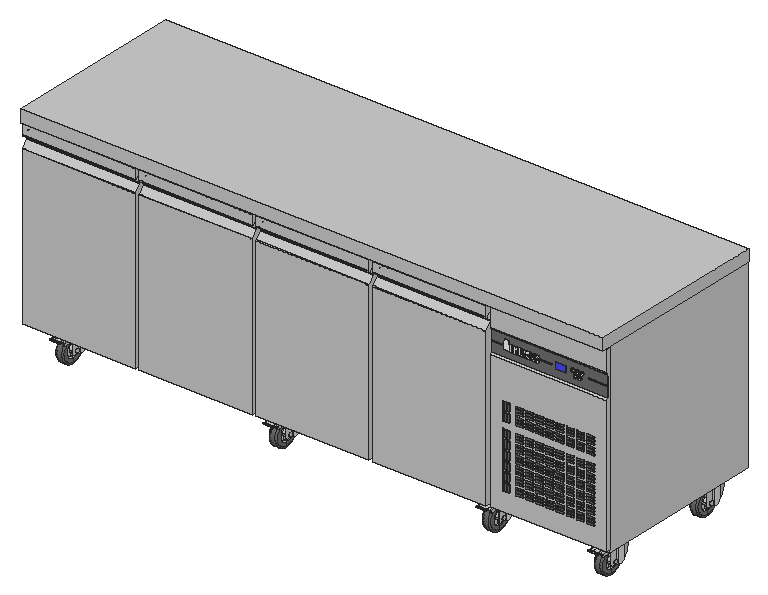
Revit family "QF_INOMAK_PNRP9999_250515103511", category Specialty Equipment, Revit 2021 (continued)
Definition of nested family "QF_INOMAK_REF_COUNTERS_DOORS_DRAWERS_16430"
  Definition of nested family "4_Drawers_1-4"
    Reference planes
      plane 23: z = 601.833
      plane 24: z = 598.167
    Forms (mm)
      Extrusion 1, solid, material <- "Finish", visible <- "4 Drawers"
        sketch origin (35, 0, -1) x (0, -1, 0) y (0, 0, 1)
          loop
            line (680, 1047) -> (670, 1047) -> (670, 827.083) -> (690, 827.083) -> (690, 990.844)
            arc (690, 990.844) -> (689.115, 996.728) -> (686.539, 1002.09) r 20
            line (686.539, 1002.09) -> (673, 1022) -> (673, 1044) -> (680, 1044)
            arc (680, 1044) -> (684.95, 1041.95) -> (687, 1037) r 7
            line (687, 1037) -> (687, 1031.988) -> (690, 1031.988) -> (690, 1037)
            arc (690, 1037) -> (687.071, 1044.071) -> (680, 1047) r 10
        from 0 to -1130
      Extrusion 2, solid, visible <- "4 Drawers", detail levels coarse
        sketch origin (0, -640.463, 826.083) x (0, 1, 0) y (-1, 0, 0)
          loop
            line (-49.537, -35) -> (-624.537, -35) -> (-624.537, -1165) -> (-49.537, -1165) -> (-49.537, -35)
        from 0 to 219.917
      Extrusion 3, solid, visible <- "4 Drawers", detail levels coarse
        sketch origin (0, -700, 154) x (-1, 0, 0) y (0, 1, 0)
          loop
            line (-35, 10) -> (-1165, 10) -> (-1165, -565) -> (-35, -565) -> (-35, 10)
        from 0 to -219.583
      Extrusion 4, solid, material <- "Finish", visible <- "4 Drawers"
        sketch origin (35, 0, -440.333) x (0, -1, 0) y (0, 0, 1)
          loop
            line (680, 813.917) -> (670, 813.917) -> (670, 594.333) -> (690, 594.333) -> (690, 757.761)
            arc (690, 757.761) -> (689.115, 763.644) -> (686.539, 769.007) r 20
            line (686.539, 769.007) -> (673, 788.917) -> (673, 810.917) -> (680, 810.917)
            arc (680, 810.917) -> (684.95, 808.866) -> (687, 803.917) r 7
            line (687, 803.917) -> (687, 798.904) -> (690, 798.904) -> (690, 803.917)
            arc (690, 803.917) -> (687.071, 810.988) -> (680, 813.917) r 10
        from 0 to -1130
      Extrusion 5, solid, material <- "Finish", visible <- "4 Drawers"
        sketch origin (35, 0, -165.333) x (0, -1, 0) y (0, 0, 1)
          loop
            line (680, 987.75) -> (670, 987.75) -> (670, 767.167) -> (690, 767.167) -> (690, 931.594)
            arc (690, 931.594) -> (689.115, 937.478) -> (686.539, 942.84) r 20
            line (686.539, 942.84) -> (673, 962.75) -> (673, 984.75) -> (680, 984.75)
            arc (680, 984.75) -> (684.95, 982.7) -> (687, 977.75) r 7
            line (687, 977.75) -> (687, 972.738) -> (690, 972.738) -> (690, 977.75)
            arc (690, 977.75) -> (687.071, 984.821) -> (680, 987.75) r 10
        from 0 to -1130
      Extrusion 6, solid, material <- "Finish", visible <- "4 Drawers"
        sketch origin (35, 0, -330.333) x (0, -1, 0) y (0, 0, 1)
          loop
            line (680, 928.5) -> (670, 928.5) -> (670, 708.25) -> (690, 708.25) -> (690, 872.344)
            arc (690, 872.344) -> (689.115, 878.228) -> (686.539, 883.59) r 20
            line (686.539, 883.59) -> (673, 903.5) -> (673, 925.5) -> (680, 925.5)
            arc (680, 925.5) -> (684.95, 923.45) -> (687, 918.5) r 7
            line (687, 918.5) -> (687, 913.488) -> (690, 913.488) -> (690, 918.5)
            arc (690, 918.5) -> (687.071, 925.571) -> (680, 928.5) r 10
        from 0 to -1130
      Extrusion 7, solid, visible <- "4 Drawers", detail levels coarse
        sketch origin (0, -500.463, 601.833) x (0, 1, 0) y (-1, 0, 0)
          loop
            line (-189.537, -35) -> (-764.537, -35) -> (-764.537, -1165) -> (-189.537, -1165) -> (-189.537, -35)
        from 0 to 220.583
      Extrusion 8, solid, visible <- "4 Drawers", detail levels coarse
        sketch origin (0, -540.463, 377.917) x (0, 1, 0) y (-1, 0, 0)
          loop
            line (-149.537, -35) -> (-724.537, -35) -> (-724.537, -1165) -> (-149.537, -1165) -> (-149.537, -35)
        from 0 to 220.25
    Lines and regions (mm)
      symbolic lines, visible <- "4 Drawers"
        curve 1: line (35, -945, 900) -> (35, -985, 900)
        curve 2: line (35, -985, 900) -> (1165, -985, 900)
        curve 3: line (1165, -985, 900) -> (1165, -945, 900)
        curve 4: line (1165, -945, 900) -> (35, -945, 900)
        curve 5: line (1135, -945, 900) -> (1135, -845, 900)
        curve 6: line (65, -945, 900) -> (65, -845, 900)
        curve 7: line (35, -1085, 900) -> (35, -1125, 900)
        curve 8: line (35, -1125, 900) -> (1165, -1125, 900)
        curve 9: line (1165, -1125, 900) -> (1165, -1085, 900)
        curve 10: line (1165, -1085, 900) -> (35, -1085, 900)
        curve 11: line (1135, -1085, 900) -> (1135, -985, 900)
        curve 12: line (65, -1085, 900) -> (65, -985, 900)
        curve 13: line (35, -1225, 900) -> (35, -1265, 900)
        curve 14: line (35, -1265, 900) -> (1165, -1265, 900)
        curve 15: line (1165, -1265, 900) -> (1165, -1225, 900)
        curve 16: line (1165, -1225, 900) -> (35, -1225, 900)
        curve 17: line (1135, -1225, 900) -> (1135, -1125, 900)
        curve 18: line (65, -1225, 900) -> (65, -1125, 900)
        curve 19: line (35, -805, 900) -> (35, -845, 900)
        curve 20: line (35, -845, 900) -> (1165, -845, 900)
        curve 21: line (1165, -845, 900) -> (1165, -805, 900)
        curve 22: line (1165, -805, 900) -> (35, -805, 900)
        curve 23: line (65, -805, 900) -> (65, -700, 900)
        curve 24: line (1135, -805, 900) -> (1135, -700, 900)
    Dimensions and locks
      "Length Actual": plane 3 "Left" to plane 4 "Right"
      "Depth Actual": plane 5 "Front" to plane 1 "Back"
      "Height Actual": plane 6 "Top" to plane 8 "Legs top"
      "Front inset": plane 7 "Front legs" to plane 5 "Front"
      "Plinth height": plane 8 "Legs top" to plane 2
      "Rear inset": plane 9 "Backsplash thickness" to plane 1 "Back"
      "Right panel thickness": plane 11 "Right panel" to plane 4 "Right"
      "Left panel thickness": plane 3 "Left" to plane 10 "Left panel"
      locked: plane 14 to plane 15 at 3.667
      equal spacing: plane 14, plane 12, plane 15
      locked: plane 23 to plane 24 at 3.667
      equal spacing: plane 23, plane 22, plane 24
      "Bottom inset": plane 20 to plane 8 "Legs top"
      equal spacing: plane 19, plane 17, plane 18
      locked: plane 19 to plane 18 at 4.333
      equal spacing: plane 21, plane 17, plane 22, plane 12, plane 16
      locked: plane 13 to plane 16 at 2.5
      "Top inset": plane 13 to plane 6 "Top"
      locked: plane 21 to plane 20 at 2.5
      aligned and locked: level to plane 2
      aligned and locked: plane 7 "Front legs" to Extrusion 1 sketch curve  (x2)
      aligned and locked: Extrusion 1 to plane 11 "Right panel"
      aligned and locked: Extrusion 1 sketch curve to plane 13
      aligned and locked: Extrusion 1 sketch curve to plane 14
      aligned and locked: plane 10 "Left panel" to curve 1
      aligned and locked: plane 10 "Left panel" to curve 7
      aligned and locked: plane 10 "Left panel" to curve 13
      aligned and locked: Extrusion 2 sketch curve to plane 10 "Left panel"
      aligned and locked: plane 11 "Right panel" to Extrusion 2 sketch curve
      aligned and locked: Extrusion 3 sketch curve to plane 10 "Left panel"
      aligned and locked: plane 11 "Right panel" to Extrusion 3 sketch curve
      aligned and locked: Extrusion 2 to plane 13
      aligned and locked: Extrusion 3 to plane 19
      aligned and locked: plane 20 to Extrusion 4 sketch curve
      aligned and locked: Extrusion 4 to plane 11 "Right panel"
      aligned and locked: Extrusion 5 sketch curve to plane 15
      aligned and locked: plane 7 "Front legs" to Extrusion 5 sketch curve
      aligned and locked: Extrusion 5 sketch curve to plane 23
      aligned and locked: Extrusion 6 sketch curve to plane 24
      aligned and locked: plane 7 "Front legs" to Extrusion 6 sketch curve
      aligned and locked: Extrusion 6 sketch curve to plane 18
      aligned and locked: Extrusion 7 to plane 15
      aligned and locked: Extrusion 8 to plane 24
      aligned and locked: Extrusion 5 to plane 11 "Right panel"
      aligned and locked: Extrusion 6 to plane 11 "Right panel"
    Automatic sketch dimensions
      Extrusion 1 sketch curve to Extrusion 1 sketch curve = 0 mm  (x2)
      plane 7 "Front legs" to Extrusion 1 sketch curve = 3 mm
      plane 7 "Front legs" to Extrusion 1 sketch curve = 3.461 mm
      plane 7 "Front legs" to Extrusion 1 sketch curve = 10 mm
      Extrusion 1 sketch curve to Extrusion 1 sketch curve = 7 mm
      plane 7 "Front legs" to Extrusion 1 sketch curve = 20 mm  (x2)
      Extrusion 1 sketch curve to Extrusion 1 sketch curve = 46.156 mm
      Extrusion 1 sketch curve to Extrusion 1 sketch curve = 15 mm
      Extrusion 1 sketch curve to Extrusion 1 sketch curve = 5.012 mm
      Extrusion 2 sketch curve to plane 7 "Front legs" = 0 mm
      Extrusion 2 sketch curve to plane 5 "Front" = 565 mm
      Extrusion 3 sketch curve to plane 7 "Front legs" = 0 mm
      Extrusion 3 sketch curve to plane 5 "Front" = 565 mm
      Extrusion 5 sketch curve to Extrusion 5 sketch curve = 0 mm  (x2)
      Extrusion 5 sketch curve to plane 7 "Front legs" = 0 mm
      plane 7 "Front legs" to Extrusion 5 sketch curve = 3 mm
      plane 7 "Front legs" to Extrusion 5 sketch curve = 3.461 mm
      plane 7 "Front legs" to Extrusion 5 sketch curve = 10 mm
      Extrusion 5 sketch curve to Extrusion 5 sketch curve = 7 mm
      plane 7 "Front legs" to Extrusion 5 sketch curve = 20 mm  (x2)
      Extrusion 5 sketch curve to Extrusion 5 sketch curve = 46.156 mm
      Extrusion 5 sketch curve to Extrusion 5 sketch curve = 15 mm
      Extrusion 5 sketch curve to Extrusion 5 sketch curve = 5.012 mm
      Extrusion 6 sketch curve to Extrusion 6 sketch curve = 0 mm  (x2)
      Extrusion 6 sketch curve to plane 7 "Front legs" = 0 mm
      plane 7 "Front legs" to Extrusion 6 sketch curve = 3 mm
      plane 7 "Front legs" to Extrusion 6 sketch curve = 3.461 mm
      plane 7 "Front legs" to Extrusion 6 sketch curve = 10 mm
      Extrusion 6 sketch curve to Extrusion 6 sketch curve = 7 mm
      plane 7 "Front legs" to Extrusion 6 sketch curve = 20 mm  (x2)
      Extrusion 6 sketch curve to Extrusion 6 sketch curve = 46.156 mm
      Extrusion 6 sketch curve to Extrusion 6 sketch curve = 15 mm
      Extrusion 6 sketch curve to Extrusion 6 sketch curve = 5.012 mm
      curve 14 to plane 11 "Right panel" = 0 mm
      curve 8 to plane 11 "Right panel" = 0 mm
      curve 2 to plane 11 "Right panel" = 0 mm
      curve 21 to plane 11 "Right panel" = 0 mm
      curve 20 to plane 10 "Left panel" = 0 mm
      curve 23 to plane 5 "Front" = 0 mm
      curve 24 to plane 5 "Front" = 0 mm
      curve 21 to plane 5 "Front" = 105 mm
      curve 20 to curve 21 = 40 mm
      curve 3 to curve 20 = 100 mm
      curve 3 to curve 3 = 40 mm
      curve 10 to curve 1 = 100 mm
      curve 9 to curve 9 = 40 mm
      curve 15 to curve 8 = 100 mm
      curve 15 to curve 15 = 40 mm
      plane 11 "Right panel" to curve 24 = 30 mm
      curve 8 to curve 17 = 30 mm
      curve 11 to curve 17 = 0 mm
      curve 23 to plane 10 "Left panel" = 30 mm
      curve 12 to curve 6 = 0 mm
      curve 18 to curve 12 = 0 mm
      Extrusion 4 sketch curve to Extrusion 4 sketch curve = 0 mm  (x2)
      plane 19 to Extrusion 4 sketch curve = 0 mm
      Extrusion 4 sketch curve to plane 7 "Front legs" = 0 mm  (x2)
      plane 7 "Front legs" to Extrusion 4 sketch curve = 3 mm
      plane 7 "Front legs" to Extrusion 4 sketch curve = 3.461 mm
      plane 7 "Front legs" to Extrusion 4 sketch curve = 10 mm
      Extrusion 4 sketch curve to Extrusion 4 sketch curve = 7 mm
      plane 7 "Front legs" to Extrusion 4 sketch curve = 20 mm  (x2)
      Extrusion 4 sketch curve to Extrusion 4 sketch curve = 46.156 mm
      Extrusion 4 sketch curve to Extrusion 4 sketch curve = 15 mm
      Extrusion 4 sketch curve to Extrusion 4 sketch curve = 5.012 mm
      Extrusion 7 sketch curve to plane 10 "Left panel" = 0 mm
      Extrusion 7 sketch curve to plane 11 "Right panel" = 0 mm
      Extrusion 7 sketch curve to plane 7 "Front legs" = 0 mm
      Extrusion 7 sketch curve to plane 5 "Front" = 565 mm
      Extrusion 8 sketch curve to plane 10 "Left panel" = 0 mm
      Extrusion 8 sketch curve to plane 11 "Right panel" = 0 mm
      Extrusion 8 sketch curve to plane 7 "Front legs" = 0 mm
      Extrusion 8 sketch curve to plane 5 "Front" = 565 mm
      curve 6 to plane 10 "Left panel" = 30 mm
      curve 5 to curve 24 = 0 mm
  Definition of nested family "Hinged_Doors"
    Parameters (values of type "Hinged doors")
      URL = "www.specifiglobal.com"
      Top inset [instance] = 4 mm
      Right panel thickness [instance] = 35 mm
      Rear inset [instance] = 10 mm
      Plinth height [instance] = 150 mm
      Model = ""
      Manufacturer = "DEMO CONSULTANT"
      Length Actual [instance] = 1200 mm
      Left panel thickness [instance] = 35 mm
      Hinged doors [instance] = Doors drawers type = 3  # yes
      Height Actual [instance] = 900 mm
      Front inset [instance] = 10 mm
      Finish [instance] = none
      Doors drawers type [instance] = 3
      Description = ""
      Depth Actual [instance] = 700 mm
      Default Elevation = 0 mm
      Bottom inset [instance] = 4 mm
      Assembly Code = "E1090320"
    Reference planes
      plane 1 "Back": y = 0
      plane 2: z = 0
      plane 3 "Left": x = 0
      plane 4 "Right": x = 1200
      plane 5 "Front": y = -700
      plane 6 "Top": z = 1050
      plane 7 "Front legs": y = -690
      plane 8 "Legs top": z = 150
      plane 9 "Backsplash thickness": y = -10
      plane 10: x = 35
      plane 11: x = 1165
      plane 12 "Center Left-Right": x = 600
      plane 13: x = 597.5
      plane 14: x = 602.5
      plane 15: z = 154
      plane 16: z = 1046
    Forms (mm)
      Extrusion 1, solid, material <- "Finish", visible <- "Hinged doors"
        sketch origin (35, -2307.849, 4000) x (0, -1, 0) y (0, 0, 1)
          loop
            line (-1627.849, -2954) -> (-1637.849, -2954) -> (-1637.849, -3846) -> (-1617.849, -3846) -> (-1617.849, -3010.156)
            arc (-1617.849, -3010.156) -> (-1618.734, -3004.272) -> (-1621.31, -2998.91) r 20
            line (-1621.31, -2998.91) -> (-1634.849, -2979) -> (-1634.849, -2957) -> (-1627.849, -2957)
            arc (-1627.849, -2957) -> (-1622.899, -2959.05) -> (-1620.849, -2964) r 7
            line (-1620.849, -2964) -> (-1620.849, -2969.012) -> (-1617.849, -2969.012) -> (-1617.849, -2964)
            arc (-1617.849, -2964) -> (-1620.778, -2956.929) -> (-1627.849, -2954) r 10
        from 0 to -562.5
      Extrusion 2, solid, visible <- "Hinged doors", detail levels coarse
        sketch origin (0, -700, 154) x (-1, 0, 0) y (0, 1, 0)
          loop
            line (-35, 10) -> (-597.5, 10)
            arc (-597.5, 10) -> (-432.748, -387.748) -> (-35, -552.5) r 562.5
            line (-35, -552.5) -> (-35, 10)
        from 0 to -892
      Extrusion 3, solid, material <- "Finish", visible <- "Hinged doors"
        sketch origin (1165, -2312.576, 4000) x (0, -1, 0) y (0, 0, 1)
          loop
            line (-1632.576, -2954) -> (-1642.576, -2954) -> (-1642.576, -3846) -> (-1622.576, -3846) -> (-1622.576, -3010.156)
            arc (-1622.576, -3010.156) -> (-1623.46, -3004.272) -> (-1626.037, -2998.91) r 20
            line (-1626.037, -2998.91) -> (-1639.576, -2979) -> (-1639.576, -2957) -> (-1632.576, -2957)
            arc (-1632.576, -2957) -> (-1627.626, -2959.05) -> (-1625.576, -2964) r 7
            line (-1625.576, -2964) -> (-1625.576, -2969.012) -> (-1622.576, -2969.012) -> (-1622.576, -2964)
            arc (-1622.576, -2964) -> (-1625.504, -2956.929) -> (-1632.576, -2954) r 10
        from 0 to 562.5
      Extrusion 4, solid, visible <- "Hinged doors", detail levels coarse
        sketch origin (0, -700, 154) x (-1, 0, 0) y (0, 1, 0)
          loop
            line (-1165, 10) -> (-1165, -552.5)
            arc (-1165, -552.5) -> (-767.252, -387.748) -> (-602.5, 10) r 562.5
            line (-602.5, 10) -> (-1165, 10)
        from 0 to -892
    Lines and regions (mm)
      symbolic lines, visible <- "Hinged doors"
        curve 1: line (35, -700, 150) -> (35, -1252.5, 150)
        curve 2: arc (35, -1252.5, 150) -> (429.196, -1091.268, 150) -> (597.411, -700, 150) r 562.5
        curve 3: arc (602.589, -700, 150) -> (770.804, -1091.268, 150) -> (1165, -1252.5, 150) r 562.5
        curve 4: line (1165, -1252.5, 150) -> (1165, -700, 150)
    Dimensions and locks
      "Length Actual": plane 3 "Left" to plane 4 "Right"
      "Depth Actual": plane 5 "Front" to plane 1 "Back"
      "Height Actual": plane 6 "Top" to plane 8 "Legs top"
      "Front inset": plane 7 "Front legs" to plane 5 "Front"
      "Plinth height": plane 8 "Legs top" to plane 2
      "Rear inset": plane 9 "Backsplash thickness" to plane 1 "Back"
      "Right panel thickness": plane 11 to plane 4 "Right"
      "Left panel thickness": plane 3 "Left" to plane 10
      equal spacing: plane 10, plane 12 "Center Left-Right", plane 11
      plane 13 to plane 12 "Center Left-Right" = 2.5 mm
      plane 12 "Center Left-Right" to plane 14 = 2.5 mm
      "Bottom inset": plane 15 to plane 8 "Legs top"
      "Top inset": plane 16 to plane 6 "Top"
      aligned and locked: level to plane 2
      aligned and locked: Extrusion 1 to plane 13
      aligned and locked: plane 10 to Extrusion 2 sketch curve
      aligned and locked: plane 13 to Extrusion 2 sketch curve
      aligned and locked: plane 7 "Front legs" to Extrusion 2 sketch curve  (x2)
      aligned and locked: plane 14 to Extrusion 3
      aligned and locked: Extrusion 2 to curve 1
      aligned and locked: curve 2 to Extrusion 2
      aligned and locked: curve 3 to Extrusion 4
      aligned and locked: curve 4 to Extrusion 4
      aligned and locked: plane 5 "Front" to curve 1
      aligned and locked: plane 5 "Front" to curve 2
      aligned and locked: plane 5 "Front" to curve 3
      aligned and locked: plane 5 "Front" to curve 4
      aligned and locked: Extrusion 4 to plane 16
      aligned and locked: Extrusion 2 to plane 16
      aligned and locked: Extrusion 1 sketch curve to plane 16
      aligned and locked: Extrusion 1 sketch curve to plane 15
      aligned and locked: Extrusion 3 sketch curve to plane 15
      aligned and locked: Extrusion 3 sketch curve to plane 16
    Automatic sketch dimensions
      Extrusion 1 sketch curve to Extrusion 1 sketch curve = 0 mm  (x2)
      Extrusion 1 sketch curve to plane 7 "Front legs" = 0 mm  (x2)
      plane 7 "Front legs" to Extrusion 1 sketch curve = 3 mm
      plane 7 "Front legs" to Extrusion 1 sketch curve = 3.461 mm
      plane 7 "Front legs" to Extrusion 1 sketch curve = 10 mm
      Extrusion 1 sketch curve to Extrusion 1 sketch curve = 7 mm
      plane 7 "Front legs" to Extrusion 1 sketch curve = 20 mm  (x2)
      Extrusion 1 sketch curve to Extrusion 1 sketch curve = 46.156 mm
      Extrusion 1 sketch curve to Extrusion 1 sketch curve = 15 mm
      Extrusion 1 sketch curve to Extrusion 1 sketch curve = 5.012 mm
      Extrusion 3 sketch curve to Extrusion 3 sketch curve = 0 mm  (x2)
      Extrusion 3 sketch curve to plane 7 "Front legs" = 0 mm  (x2)
      Extrusion 3 sketch curve to Extrusion 3 sketch curve = 3 mm
      plane 7 "Front legs" to Extrusion 3 sketch curve = 3.461 mm
      plane 7 "Front legs" to Extrusion 3 sketch curve = 10 mm
      Extrusion 3 sketch curve to Extrusion 3 sketch curve = 7 mm
      Extrusion 3 sketch curve to Extrusion 3 sketch curve = 16.539 mm
      Extrusion 3 sketch curve to Extrusion 3 sketch curve = 20 mm
      Extrusion 3 sketch curve to Extrusion 3 sketch curve = 46.156 mm
      Extrusion 3 sketch curve to Extrusion 3 sketch curve = 15 mm
      Extrusion 3 sketch curve to Extrusion 3 sketch curve = 5.012 mm
      Extrusion 4 sketch curve to plane 11 = 0 mm
      Extrusion 4 sketch curve to plane 7 "Front legs" = 0 mm
      Extrusion 4 sketch curve to plane 14 = 0 mm
  Definition of nested family "Hopper"
    Parameters (values of type "Hopper")
      URL = "www.specifiglobal.com"
      Top inset [instance] = 4 mm
      Right panel thickness [instance] = 35 mm
      Rear inset [instance] = 10 mm
      Plinth height [instance] = 150 mm
      Model = ""
      Manufacturer = "DEMO CONSULTANT"
      Length Actual [instance] = 700 mm
      Left panel thickness [instance] = 35 mm
      Hopper [instance] = Doors drawers type = 10  # yes
      Height Actual [instance] = 900 mm
      Front inset [instance] = 10 mm
      Finish [instance] = none
      Doors drawers type [instance] = 10
      Description = ""
      Depth Actual [instance] = 700 mm
      Default Elevation = 0 mm
      Bottom inset [instance] = 4 mm
      Assembly Code = "E1090320"
      2 Drawers = yes
    Reference planes
      plane 1 "Back": y = 0
      plane 2: z = 0
      plane 3 "Left": x = 0
      plane 4 "Right": x = 700
      plane 5 "Front": y = -700
      plane 6 "Top": z = 1050
      plane 7 "Front legs": y = -690
      plane 8 "Legs top": z = 150
      plane 9 "Backsplash thickness": y = -10
      plane 10 "Left panel": x = 35
      plane 11 "Right panel": x = 665
      plane 12: z = 1046
      plane 13: z = 154
    Forms (mm)
      Extrusion 1, solid, material <- "Finish", visible <- "Hopper"
        sketch origin (35, 0, 0) x (0, -1, 0) y (0, 0, 1)
          loop
            line (690, 154) -> (690, 960.365)
            arc (690, 960.365) -> (689.866, 961.037) -> (689.485, 961.607) r 1.757
            line (689.485, 961.607) -> (666.663, 984.429)
            arc (666.663, 984.429) -> (665.976, 985.458) -> (665.734, 986.672) r 3.172
            line (665.734, 986.672) -> (665.734, 1013.576)
            arc (665.734, 1013.576) -> (666.433, 1015.262) -> (668.119, 1015.961) r 2.385
            line (668.119, 1015.961) -> (680.029, 1015.961) -> (686.544, 1006.657)
            arc (686.544, 1006.657) -> (688.671, 1005.935) -> (690, 1007.747) r 1.9
            line (690, 1007.747) -> (690, 1046) -> (648, 1046) -> (648, 154) -> (690, 154)
        from 0 to -630
      Extrusion 2, solid, visible <- "Hopper", detail levels coarse
        sketch origin (35, 0, 0) x (0, -1, 0) y (0, 0, 1)
          loop
            line (690, 154) -> (1265, 154) -> (1265, 1046) -> (690, 1046) -> (690, 154)
        from 0 to -630
    Lines and regions (mm)
      symbolic lines, visible <- "Hopper"
        curve 1: line (35, -1225, 900) -> (35, -1265, 900)
        curve 2: line (35, -1265, 900) -> (665, -1265, 900)
        curve 3: line (665, -1265, 900) -> (665, -1225, 900)
        curve 4: line (665, -1225, 900) -> (35, -1225, 900)
        curve 5: line (635, -1225, 900) -> (635, -700, 900)
        curve 6: line (65, -1225, 900) -> (65, -700, 900)
    Dimensions and locks
      "Length Actual": plane 3 "Left" to plane 4 "Right"
      "Depth Actual": plane 5 "Front" to plane 1 "Back"
      "Height Actual": plane 6 "Top" to plane 8 "Legs top"
      "Front inset": plane 7 "Front legs" to plane 5 "Front"
      "Plinth height": plane 8 "Legs top" to plane 2
      "Rear inset": plane 9 "Backsplash thickness" to plane 1 "Back"
      "Right panel thickness": plane 11 "Right panel" to plane 4 "Right"
      "Left panel thickness": plane 3 "Left" to plane 10 "Left panel"
      "Top inset": plane 12 to plane 6 "Top"
      "Bottom inset": plane 13 to plane 8 "Legs top"
      aligned and locked: level to plane 2
      aligned and locked: Extrusion 1 to plane 11 "Right panel"
      aligned and locked: Extrusion 2 to plane 11 "Right panel"
      aligned and locked: plane 10 "Left panel" to Extrusion 2
      aligned and locked: Extrusion 1 sketch curve to plane 12
      aligned and locked: Extrusion 1 sketch curve to Extrusion 2
      aligned and locked: Extrusion 1 sketch curve to plane 13
    Automatic sketch dimensions
      Extrusion 1 sketch curve to Extrusion 1 sketch curve = 17.734 mm
      Extrusion 1 sketch curve to Extrusion 1 sketch curve = 0.929 mm
      Extrusion 1 sketch curve to Extrusion 1 sketch curve = 2.385 mm
      Extrusion 1 sketch curve to Extrusion 1 sketch curve = 3.172 mm
      Extrusion 1 sketch curve to Extrusion 1 sketch curve = 11.91 mm
      Extrusion 1 sketch curve to Extrusion 1 sketch curve = 6.515 mm
      Extrusion 1 sketch curve to Extrusion 1 sketch curve = 1.556 mm
      Extrusion 1 sketch curve to Extrusion 1 sketch curve = 21.58 mm
      Extrusion 1 sketch curve to Extrusion 1 sketch curve = 1.242 mm
      Extrusion 1 sketch curve to Extrusion 1 sketch curve = 1.9 mm
      Extrusion 1 sketch curve to Extrusion 1 sketch curve = 0.515 mm
      Extrusion 1 sketch curve to Extrusion 1 sketch curve = 22.822 mm
      Extrusion 1 sketch curve to Extrusion 1 sketch curve = 19.985 mm
      Extrusion 1 sketch curve to Extrusion 1 sketch curve = 6.919 mm
      Extrusion 1 sketch curve to Extrusion 1 sketch curve = 30.039 mm
      Extrusion 2 sketch curve to plane 7 "Front legs" = 0 mm
      plane 13 to Extrusion 2 sketch curve = 0 mm
      plane 12 to Extrusion 2 sketch curve = 0 mm
      Extrusion 2 sketch curve to plane 5 "Front" = 565 mm
      curve 1 to plane 10 "Left panel" = 0 mm
      curve 2 to plane 11 "Right panel" = 0 mm
      curve 6 to plane 5 "Front" = 0 mm
      curve 5 to plane 5 "Front" = 0 mm
      curve 4 to plane 5 "Front" = 525 mm
      curve 3 to curve 3 = 40 mm
      plane 11 "Right panel" to curve 5 = 30 mm
      curve 6 to plane 10 "Left panel" = 30 mm
Definition of nested family "QF_INOMAK_REF_COUNTERS_DOORS_DRAWERS_25901"
  Parameters (values of type "DR-LX-710")
    Weight [instance] = 0.00 kg
    Warranty Start Date [instance] = ""
    Warranty Duration [instance] = ""
    URL Cutsheet [instance] = ""
    URL = "www.inomak.com"
    Top inset [instance] = 10 mm
    Technical Documentation [instance] = ""
    Tag Number [instance] = ""
    Status [instance] = ""
    Specification by User [instance] = ""
    Specification by Manufacturer [instance] = ""
    Sound Level [instance] = ""
    Solid Fuel Type [instance] = ""
    Show Logo [instance] = yes
    Show Clearances [instance] = yes
    Service Life Duration [instance] = ""
    Serial Number [instance] = ""
    Seismic Rating [instance] = ""
    SMACNA No [instance] = ""
    Right panel thickness [instance] = 0 mm
    Revision Code [instance] = ""
    Revision [instance] = ""
    Rear inset [instance] = 0 mm
    Production Year [instance] = ""
    Point Load [instance] = 0
    Plinth height [instance] = 0 mm
    Other Equipment Approvals [instance] = ""
    NAFEM Spec ID Number [instance] = ""
    Model Warning [instance] = ""
    Model = "DR-LX-710"
    Masterspec [instance] = ""
    Manufacturer = "INOMAK"
    Length Actual [instance] = 435 mm
    Left panel thickness [instance] = 0 mm
    Item Number [instance] = ""
    Installed By [instance] = ""
    Installation Date [instance] = ""
    Identify Quantity as Lot [instance] = yes
    ID [instance] = ""
    Hygiene Approval [instance] = ""
    Height Actual [instance] = 710 mm
    Furnished By [instance] = ""
    Front inset [instance] = 10 mm
    Foodservice Equipment Identifier [instance] = yes
    Finish [instance] = none
    ETL Approved [instance] = yes
    Doors drawers type [instance] = 8
    Description = "LEFT HINGED DOOR"
    Depth Actual [instance] = 700 mm
    Default Elevation = 0 mm
    CSI MasterFormat [instance] = ""
    CE Approved [instance] = yes
    Bottom inset [instance] = 10 mm
    Barcode [instance] = ""
    Author [instance] = ""
    Asset Identifier [instance] = ""
    Assembly Code = "E1090320"
    Accessory [instance] = yes
  Types (9, lengths in mm): name | Model | Height Actual | Doors drawers type | Description
    DW-2-710 | "DW-2-710" | 710 | 4 | "2 X GN 1/2 DRAWERS"
    DR-LX-710 | "DR-LX-710" | 710 | 8 | "LEFT HINGED DOOR"
    DR-RX-710 | "DR-RX-710" | 710 | 9 | "RIGHT HINGED DOOR"
    DW-3-710 | "DW-3-710" | 710 | 6 | "3 X GN 1/3 DRAWERS"
    DW-B-710 | "DW-B-710" | 710 | 5 | "1 X GN 1/3 & 1 X GN 2/3 DRAWERS"
    DW-2-483 | "DW-2-483" | 483 | 4 | "2 X GN 1/3 DRAWERS"
    DR-LX-483 | "DR-LX-483" | 483 | 8 | "LEFT HINGED DOOR"
    DR-RX-483 | "DR-RX-483" | 483 | 9 | "RIGHT HINGED DOOR"
    DW-1-483 | "DW-1-483" | 483 | 10 | "1 X GN 2/3 DRAWER"
  Reference planes
    plane 1 "Front": y = 0
    plane 2: z = 0
    plane 3 "Left": x = 0
    plane 4 "Right": x = 435
    plane 5 "Back": y = 700
    plane 6 "Top": z = 710
    plane 7 "Bottom shelf": z = 0
    plane 8: z = 700
    plane 9: z = 10
    plane 10: x = 0
    plane 11: x = 435
    plane 12 "Center Top Bottom": z = 355
  Lines and regions (mm)
    reference lines
      curve 1: line (0, 0, 355) -> (0, 25, 355)
      curve 2: line (435, 0, 355) -> (435, 25, 355)
      curve 3: line (0, 700, 355) -> (435, 700, 355)
      curve 4: line (0, 0, 355) -> (435, 0, 355)
  Dimensions and locks
    "Length Actual": plane 3 "Left" to plane 4 "Right"
    "Depth Actual": plane 1 "Front" to plane 5 "Back"
    "Height Actual": plane 6 "Top" to plane 7 "Bottom shelf"
    "Plinth height": plane 7 "Bottom shelf" to plane 2
    "Top inset": plane 6 "Top" to plane 8
    "Bottom inset": plane 9 to plane 7 "Bottom shelf"
    "Left panel thickness": plane 3 "Left" to plane 10
    "Right panel thickness": plane 11 to plane 4 "Right"
    equal spacing: plane 6 "Top", plane 12 "Center Top Bottom", plane 7 "Bottom shelf"
    "Length Actual": curve 1 to plane 4 "Right"
    "Length Actual": plane 3 "Left" to curve 2
    "Depth Actual": plane 1 "Front" to curve 3
    "Depth Actual": plane 5 "Back" to curve 4
    aligned and locked: level to plane 2
    aligned and locked: plane 3 "Left" to nested 1
    aligned and locked: plane 3 "Left" to nested 2
    aligned and locked: plane 3 "Left" to nested 3
    aligned and locked: plane 3 "Left" to nested 4
    aligned and locked: plane 3 "Left" to nested 5
    aligned and locked: plane 3 "Left" to nested 6
    aligned and locked: plane 3 "Left" to nested 7
    aligned and locked: plane 3 "Left" to nested 8
    aligned and locked: plane 3 "Left" to nested 9
    aligned and locked: nested 4 to plane 1 "Front"
    aligned and locked: nested 6 to plane 1 "Front"
    aligned and locked: nested 8 to plane 1 "Front"
    aligned and locked: nested 5 to plane 1 "Front"
    aligned and locked: nested 3 to plane 1 "Front"
    aligned and locked: nested 7 to plane 1 "Front"
    aligned and locked: nested 2 to plane 1 "Front"
    aligned and locked: nested 1 to plane 1 "Front"
    aligned and locked: nested 9 to plane 1 "Front"
  Automatic sketch dimensions
    curve 3 to plane 4 "Right" = 0 mm
    curve 3 to plane 3 "Left" = 0 mm
    curve 2 to curve 2 = 25 mm
    curve 1 to curve 1 = 25 mm
  Nested families
    nested 1: "Right_Door" at (0, 700, 0), Depth Actual <- "Depth Actual", Height Actual <- "Height Actual", Length Actual <- "Length Actual", Front inset <- "Front inset", Rear inset <- "Rear inset", Left panel thickness <- "Left panel thickness", Right panel thickness <- "Right panel thickness", Doors drawers type <- "Doors drawers type", Plinth height <- "Plinth height", Top inset <- "Top inset", Bottom inset <- "Bottom inset", type "Right door"
      with Top inset 10 mm, Right panel thickness 0 mm, Right hand hinged door no, Rear inset 0 mm, Plinth height 0 mm, Length Actual 435 mm, Left panel thickness 0 mm, Height Actual 710 mm, Front inset 10 mm, Doors drawers type 8, Depth Actual 700 mm, Bottom inset 10 mm
    nested 2: "Left_Door" at (0, 700, 0), Depth Actual <- "Depth Actual", Height Actual <- "Height Actual", Length Actual <- "Length Actual", Front inset <- "Front inset", Rear inset <- "Rear inset", Left panel thickness <- "Left panel thickness", Right panel thickness <- "Right panel thickness", Doors drawers type <- "Doors drawers type", Plinth height <- "Plinth height", Top inset <- "Top inset", Bottom inset <- "Bottom inset", type "Left door"
      with Top inset 10 mm, Right panel thickness 0 mm, Rear inset 0 mm, Plinth height 0 mm, Length Actual 435 mm, Left panel thickness 0 mm, Left hand hinged door yes, Height Actual 710 mm, Front inset 10 mm, Doors drawers type 8, Depth Actual 700 mm, Bottom inset 10 mm
    nested 3: "3_Drawers_1-3" at (0, 700, 0), Depth Actual <- "Depth Actual", Height Actual <- "Height Actual", Length Actual <- "Length Actual", Front inset <- "Front inset", Rear inset <- "Rear inset", Left panel thickness <- "Left panel thickness", Right panel thickness <- "Right panel thickness", Doors drawers type <- "Doors drawers type", Plinth height <- "Plinth height", Top inset <- "Top inset", Bottom inset <- "Bottom inset", type "3 Drawers 1-3"
      with Top inset 10 mm, Right panel thickness 0 mm, Rear inset 0 mm, Plinth height 0 mm, Length Actual 435 mm, Left panel thickness 0 mm, Height Actual 710 mm, Front inset 10 mm, Doors drawers type 8, Depth Actual 700 mm, Bottom inset 10 mm, 3 Drawers no
    nested 4: "2_Drawers_1-2" at (0, 700, 0), Depth Actual <- "Depth Actual", Height Actual <- "Height Actual", Length Actual <- "Length Actual", Front inset <- "Front inset", Rear inset <- "Rear inset", Left panel thickness <- "Left panel thickness", Right panel thickness <- "Right panel thickness", Doors drawers type <- "Doors drawers type", Plinth height <- "Plinth height", Top inset <- "Top inset", Bottom inset <- "Bottom inset", type "2 Drawers 1-2"
      with Top inset 10 mm, Right panel thickness 0 mm, Rear inset 0 mm, Plinth height 0 mm, Length Actual 435 mm, Left panel thickness 0 mm, Height Actual 710 mm, Front inset 10 mm, Doors drawers type 8, Depth Actual 700 mm, Bottom inset 10 mm, 2 Drawers no
    nested 5: "2_Drawers_1-3_2-3" at (0, 700, 0), Depth Actual <- "Depth Actual", Height Actual <- "Height Actual", Length Actual <- "Length Actual", Front inset <- "Front inset", Rear inset <- "Rear inset", Left panel thickness <- "Left panel thickness", Right panel thickness <- "Right panel thickness", Doors drawers type <- "Doors drawers type", Plinth height <- "Plinth height", Top inset <- "Top inset", Bottom inset <- "Bottom inset", type "2 Drawers 1-3 and 2-3"
      with Top inset 10 mm, Right panel thickness 0 mm, Rear inset 0 mm, Plinth height 0 mm, Length Actual 435 mm, Left panel thickness 0 mm, Height Actual 710 mm, Front inset 10 mm, Doors drawers type 8, Depth Actual 700 mm, Bottom inset 10 mm, 2 Drawers 1-3 and 2-3 no
    nested 6: "Sliding_Doors" at (0, 700, 0), Depth Actual <- "Depth Actual", Height Actual <- "Height Actual", Length Actual <- "Length Actual", Front inset <- "Front inset", Rear inset <- "Rear inset", Left panel thickness <- "Left panel thickness", Right panel thickness <- "Right panel thickness", Doors drawers type <- "Doors drawers type", Plinth height <- "Plinth height", Top inset <- "Top inset", Bottom inset <- "Bottom inset", Finish <- "Finish", type "Sliding doors"
      with Top inset 10 mm, Sliding doors no, Right panel thickness 0 mm, Rear inset 0 mm, Plinth height 0 mm, Length Actual 435 mm, Left panel thickness 0 mm, Height Actual 710 mm, Front inset 10 mm, Finish none, Doors drawers type 8, Depth Actual 700 mm, Bottom inset 10 mm
    nested 7: "4_Drawers_1-4" at (0, 700, 0), Depth Actual <- "Depth Actual", Height Actual <- "Height Actual", Length Actual <- "Length Actual", Front inset <- "Front inset", Rear inset <- "Rear inset", Left panel thickness <- "Left panel thickness", Right panel thickness <- "Right panel thickness", Doors drawers type <- "Doors drawers type", Plinth height <- "Plinth height", Top inset <- "Top inset", Bottom inset <- "Bottom inset", Finish <- "Finish", type "4 Drawers 1-4"
      with Top inset 10 mm, Right panel thickness 0 mm, Rear inset 0 mm, Plinth height 0 mm, Length Actual 435 mm, Left panel thickness 0 mm, Height Actual 710 mm, Front inset 10 mm, Finish none, Doors drawers type 8, Depth Actual 700 mm, Bottom inset 10 mm, 4 Drawers no
    nested 8: "Hinged_Doors" at (0, 700, 0), Length Actual <- "Length Actual", Depth Actual <- "Depth Actual", Height Actual <- "Height Actual", Front inset <- "Front inset", Rear inset <- "Rear inset", Left panel thickness <- "Left panel thickness", Right panel thickness <- "Right panel thickness", Doors drawers type <- "Doors drawers type", Plinth height <- "Plinth height", Top inset <- "Top inset", Bottom inset <- "Bottom inset", Finish <- "Finish", type "Hinged doors"
      with Top inset 10 mm, Right panel thickness 0 mm, Rear inset 0 mm, Plinth height 0 mm, Length Actual 435 mm, Left panel thickness 0 mm, Hinged doors no, Height Actual 710 mm, Front inset 10 mm, Finish none, Doors drawers type 8, Depth Actual 700 mm, Bottom inset 10 mm
    nested 9: "Hopper" at (0, 700, 1.284), Length Actual <- "Length Actual", Depth Actual <- "Depth Actual", Height Actual <- "Height Actual", Front inset <- "Front inset", Rear inset <- "Rear inset", Left panel thickness <- "Left panel thickness", Right panel thickness <- "Right panel thickness", Doors drawers type <- "Doors drawers type", Plinth height <- "Plinth height", Top inset <- "Top inset", Bottom inset <- "Bottom inset", Finish <- "Finish", type "Hopper"
      with Top inset 10 mm, Right panel thickness 0 mm, Rear inset 0 mm, Plinth height 0 mm, Length Actual 435 mm, Left panel thickness 0 mm, Hopper no, Height Actual 710 mm, Front inset 10 mm, Finish none, Doors drawers type 8, Depth Actual 700 mm, Bottom inset 10 mm
  Definition of nested family "Left_Door"
    Parameters (values of type "Left door")
      URL = "www.specifiglobal.com"
      Top inset [instance] = 10 mm
      Right panel thickness [instance] = 0 mm
      Rear inset [instance] = 0 mm
      Plinth height [instance] = 150 mm
      Model = ""
      Manufacturer = "DEMO CONSULTANT"
      Length Actual [instance] = 700 mm
      Left panel thickness [instance] = 0 mm
      Left hand hinged door [instance] = Doors drawers type = 8  # yes
      Height Actual [instance] = 710 mm
      Front inset [instance] = 10 mm
      Finish = none
      Doors drawers type [instance] = 8
      Description = ""
      Depth Actual [instance] = 700 mm
      Default Elevation = 0 mm
      Bottom inset [instance] = 0 mm
      Assembly Code = "E1090320"
    Reference planes
      plane 1 "Back": y = 0
      plane 2: z = 0
      plane 3 "Left": x = 0
      plane 4 "Right": x = 700
      plane 5 "Front": y = -700
      plane 6 "Top": z = 860
      plane 7 "Front legs": y = -690
      plane 8 "Legs top": z = 150
      plane 9 "Backsplash thickness": y = 0
      plane 10 "Left panel": x = 0
      plane 11 "Right panel": x = 700
      plane 12: z = 850
      plane 13: z = 150
    Forms (mm)
      Extrusion 1, solid, material <- "Finish", visible <- "Left hand hinged door"
        sketch origin (0, 0, 0) x (0, -1, 0) y (0, 0, 1)
          loop
            line (690, 150) -> (690, 764.365)
            arc (690, 764.365) -> (689.866, 765.037) -> (689.485, 765.607) r 1.757
            line (689.485, 765.607) -> (666.663, 788.429)
            arc (666.663, 788.429) -> (665.976, 789.458) -> (665.734, 790.672) r 3.172
            line (665.734, 790.672) -> (665.734, 817.576)
            arc (665.734, 817.576) -> (666.433, 819.262) -> (668.119, 819.961) r 2.385
            line (668.119, 819.961) -> (680.029, 819.961) -> (686.544, 810.657)
            arc (686.544, 810.657) -> (688.671, 809.935) -> (690, 811.747) r 1.9
            line (690, 811.747) -> (690, 850) -> (648, 850) -> (648, 150) -> (690, 150)
        from 0 to -700
      Extrusion 2, solid, visible <- "Left hand hinged door", detail levels coarse
        sketch origin (0, -700, 150) x (-1, 0, 0) y (0, 1, 0)
          loop
            arc (-700, 10) -> (-495.871, -481.066) -> (0, -673.23) r 677.11
            line (0, -673.23) -> (0, 10) -> (-700, 10)
        from 0 to -700
    Lines and regions (mm)
      symbolic lines, visible <- "Left hand hinged door"
        curve 1: line (0, -700, 150) -> (0, -1373.247, 150)
        curve 2: arc (0, -1373.247, 150) -> (492.316, -1184.595, 150) -> (700, -700, 150) r 676.963
    Dimensions and locks
      "Length Actual": plane 3 "Left" to plane 4 "Right"
      "Depth Actual": plane 5 "Front" to plane 1 "Back"
      "Height Actual": plane 6 "Top" to plane 8 "Legs top"
      "Front inset": plane 7 "Front legs" to plane 5 "Front"
      "Plinth height": plane 8 "Legs top" to plane 2
      "Rear inset": plane 9 "Backsplash thickness" to plane 1 "Back"
      "Right panel thickness": plane 11 "Right panel" to plane 4 "Right"
      "Left panel thickness": plane 3 "Left" to plane 10 "Left panel"
      "Top inset": plane 6 "Top" to plane 12
      "Bottom inset": plane 13 to plane 8 "Legs top"
      aligned and locked: level to plane 2
      aligned and locked: Extrusion 1 to plane 11 "Right panel"
      aligned and locked: plane 10 "Left panel" to Extrusion 2 sketch curve
      aligned and locked: plane 11 "Right panel" to Extrusion 2 sketch curve
      aligned and locked: Extrusion 2 sketch curve to plane 10 "Left panel"
      aligned and locked: plane 7 "Front legs" to Extrusion 2 sketch curve
      aligned and locked: plane 7 "Front legs" to Extrusion 2
      aligned and locked: plane 10 "Left panel" to Extrusion 2
      aligned and locked: Extrusion 2 to plane 12
      aligned and locked: Extrusion 1 sketch curve to plane 13
      aligned and locked: Extrusion 1 sketch curve to plane 7 "Front legs"
      aligned and locked: Extrusion 1 sketch curve to plane 12
    Automatic sketch dimensions
      Extrusion 1 sketch curve to Extrusion 1 sketch curve = 1.556 mm
      Extrusion 1 sketch curve to Extrusion 1 sketch curve = 11.91 mm
      Extrusion 1 sketch curve to Extrusion 1 sketch curve = 2.243 mm
      Extrusion 1 sketch curve to Extrusion 1 sketch curve = 2.385 mm
      Extrusion 1 sketch curve to Extrusion 1 sketch curve = 20.119 mm
      Extrusion 1 sketch curve to Extrusion 1 sketch curve = 22.822 mm
      Extrusion 1 sketch curve to Extrusion 1 sketch curve = 19.985 mm
      Extrusion 1 sketch curve to Extrusion 1 sketch curve = 6.919 mm
      Extrusion 1 sketch curve to Extrusion 1 sketch curve = 30.039 mm
      plane 7 "Front legs" to Extrusion 1 sketch curve = 42 mm
      Extrusion 1 sketch curve to Extrusion 1 sketch curve = 0.929 mm
      Extrusion 1 sketch curve to Extrusion 1 sketch curve = 6.515 mm
      Extrusion 1 sketch curve to Extrusion 1 sketch curve = 1.242 mm
      Extrusion 1 sketch curve to Extrusion 1 sketch curve = 1.9 mm
      Extrusion 1 sketch curve to Extrusion 1 sketch curve = 0.515 mm
      plane 5 "Front" to Extrusion 2 sketch curve = 3.492 mm
      plane 3 "Left" to Extrusion 2 sketch curve = 22.921 mm
      curve 1 to plane 3 "Left" = 0 mm
      curve 2 to plane 4 "Right" = 0 mm
      curve 2 to plane 5 "Front" = 0 mm
      curve 1 to plane 5 "Front" = 0 mm
      plane 5 "Front" to curve 2 = 3.324 mm
      plane 3 "Left" to curve 2 = 23.045 mm
  Definition of nested family "Right_Door"
    Parameters (values of type "Right door")
      URL = "www.specifiglobal.com"
      Top inset [instance] = 4 mm
      Right panel thickness [instance] = 35 mm
      Right hand hinged door [instance] = Doors drawers type = 9  # yes
      Rear inset [instance] = 10 mm
      Plinth height [instance] = 150 mm
      Model = ""
      Manufacturer = "DEMO CONSULTANT"
      Length Actual [instance] = 1700 mm
      Left panel thickness [instance] = 35 mm
      Height Actual [instance] = 900 mm
      Front inset [instance] = 10 mm
      Finish = none
      Doors drawers type [instance] = 9
      Description = ""
      Depth Actual [instance] = 700 mm
      Default Elevation = 0 mm
      Bottom inset [instance] = 4 mm
      Assembly Code = "E1090320"
    Reference planes
      plane 1 "Back": y = 0
      plane 2: z = 0
      plane 3 "Left": x = 0
      plane 4 "Right": x = 1700
      plane 5 "Front": y = -700
      plane 6 "Top": z = 1050
      plane 7 "Front legs": y = -690
      plane 8 "Legs top": z = 150
      plane 9 "Backsplash thickness": y = -10
      plane 10 "Left panel": x = 35
      plane 11 "Right panel": x = 1665
      plane 12: z = 1046
      plane 13: z = 154
    Forms (mm)
      Extrusion 1, solid, material <- "Finish", visible <- "Right hand hinged door"
        sketch origin (35, 0, 0) x (0, -1, 0) y (0, 0, 1)
          loop
            line (690, 154) -> (690, 960.365)
            arc (690, 960.365) -> (689.866, 961.037) -> (689.485, 961.607) r 1.757
            line (689.485, 961.607) -> (666.663, 984.429)
            arc (666.663, 984.429) -> (665.976, 985.458) -> (665.734, 986.672) r 3.172
            line (665.734, 986.672) -> (665.734, 1013.576)
            arc (665.734, 1013.576) -> (666.433, 1015.262) -> (668.119, 1015.961) r 2.385
            line (668.119, 1015.961) -> (680.029, 1015.961) -> (686.544, 1006.657)
            arc (686.544, 1006.657) -> (688.671, 1005.935) -> (690, 1007.747) r 1.9
            line (690, 1007.747) -> (690, 1046) -> (648, 1046) -> (648, 154) -> (690, 154)
        from 0 to -1630
      Extrusion 2, solid, visible <- "Right hand hinged door", detail levels coarse
        sketch origin (0, -700, 154) x (-1, 0, 0) y (0, 1, 0)
          loop
            line (-1665, 10) -> (-1665, -1637.12)
            arc (-1665, -1637.12) -> (-517.894, -1142.214) -> (-35, 10) r 1670.236
            line (-35, 10) -> (-1665, 10)
        from 0 to -892
    Lines and regions (mm)
      symbolic lines, visible <- "Right hand hinged door"
        curve 1: line (1665, -2337.12, 150) -> (1665, -700, 150)
        curve 2: arc (1665, -2337.12, 150) -> (521.415, -1845.762, 150) -> (35.165, -699.995, 150) r 1670.236
    Dimensions and locks
      "Length Actual": plane 3 "Left" to plane 4 "Right"
      "Depth Actual": plane 5 "Front" to plane 1 "Back"
      "Height Actual": plane 6 "Top" to plane 8 "Legs top"
      "Front inset": plane 7 "Front legs" to plane 5 "Front"
      "Plinth height": plane 8 "Legs top" to plane 2
      "Rear inset": plane 9 "Backsplash thickness" to plane 1 "Back"
      "Right panel thickness": plane 11 "Right panel" to plane 4 "Right"
      "Left panel thickness": plane 3 "Left" to plane 10 "Left panel"
      "Top inset": plane 6 "Top" to plane 12
      "Bottom inset": plane 13 to plane 8 "Legs top"
      aligned and locked: level to plane 2
      aligned and locked: Extrusion 1 to plane 11 "Right panel"
      aligned and locked: plane 10 "Left panel" to Extrusion 2 sketch curve
      aligned and locked: plane 11 "Right panel" to Extrusion 2 sketch curve
      aligned and locked: plane 7 "Front legs" to Extrusion 2
      aligned and locked: plane 7 "Front legs" to Extrusion 2 sketch curve
      aligned and locked: Extrusion 2 sketch curve to plane 11 "Right panel"
      aligned and locked: curve 1 to Extrusion 2
      aligned and locked: plane 5 "Front" to curve 1
      aligned and locked: Extrusion 2 to plane 12
      aligned and locked: Extrusion 1 sketch curve to plane 12
      aligned and locked: Extrusion 1 sketch curve to plane 7 "Front legs"
      aligned and locked: Extrusion 1 sketch curve to plane 13
      aligned and locked: curve 2 to Extrusion 2
    Automatic sketch dimensions
      Extrusion 1 sketch curve to Extrusion 1 sketch curve = 1.556 mm
      Extrusion 1 sketch curve to Extrusion 1 sketch curve = 11.91 mm
      Extrusion 1 sketch curve to Extrusion 1 sketch curve = 2.243 mm
      Extrusion 1 sketch curve to Extrusion 1 sketch curve = 2.385 mm
      Extrusion 1 sketch curve to Extrusion 1 sketch curve = 20.119 mm
      Extrusion 1 sketch curve to Extrusion 1 sketch curve = 22.822 mm
      Extrusion 1 sketch curve to Extrusion 1 sketch curve = 19.985 mm
      Extrusion 1 sketch curve to Extrusion 1 sketch curve = 6.919 mm
      Extrusion 1 sketch curve to Extrusion 1 sketch curve = 30.039 mm
      plane 7 "Front legs" to Extrusion 1 sketch curve = 42 mm
      Extrusion 1 sketch curve to Extrusion 1 sketch curve = 0.929 mm
      Extrusion 1 sketch curve to Extrusion 1 sketch curve = 6.515 mm
      Extrusion 1 sketch curve to Extrusion 1 sketch curve = 1.242 mm
      Extrusion 1 sketch curve to Extrusion 1 sketch curve = 1.9 mm
      Extrusion 1 sketch curve to Extrusion 1 sketch curve = 0.515 mm
      Extrusion 2 sketch curve to plane 4 "Right" = 5.083 mm
      plane 7 "Front legs" to Extrusion 2 sketch curve = 22.635 mm
      plane 5 "Front" to curve 2 = 0.005 mm
  Definition of nested family "3_Drawers_1-3"
    Parameters (values of type "3 Drawers 1-3")
      URL = "www.specifiglobal.com"
      Top inset [instance] = 4 mm
      Right panel thickness [instance] = 35 mm
      Rear inset [instance] = 10 mm
      Plinth height [instance] = 150 mm
      Model = ""
      Manufacturer = "DEMO CONSULTANT"
      Length Actual [instance] = 1200 mm
      Left panel thickness [instance] = 35 mm
      Height Actual [instance] = 900 mm
      Front inset [instance] = 10 mm
      Finish = none
      Doors drawers type [instance] = 6
      Description = ""
      Depth Actual [instance] = 700 mm
      Default Elevation = 0 mm
      Bottom inset [instance] = 4 mm
      Assembly Code = "E1090320"
      3 Drawers [instance] = Doors drawers type = 6  # yes
    Reference planes
      plane 1 "Back": y = 0
      plane 2: z = 0
      plane 3 "Left": x = 0
      plane 4 "Right": x = 1200
      plane 5 "Front": y = -700
      plane 6 "Top": z = 1050
      plane 7 "Front legs": y = -690
      plane 8 "Legs top": z = 150
      plane 9 "Backsplash thickness": y = -10
      plane 10 "Left panel": x = 35
      plane 11 "Right panel": x = 1165
      plane 12: z = 749.333
      plane 13: z = 1046
      plane 14: z = 751.667
      plane 15: z = 747
      plane 16: z = 1048
      plane 17: z = 450.667
      plane 18: z = 453.333
      plane 19: z = 448
      plane 20: z = 154
      plane 21: z = 152
    Forms (mm)
      Extrusion 1, solid, material <- "Finish", visible <- "3 Drawers"
        sketch origin (35, 0, 0) x (0, -1, 0) y (0, 0, 1)
          loop
            line (690, 751.667) -> (690, 960.365)
            arc (690, 960.365) -> (689.866, 961.037) -> (689.485, 961.607) r 1.757
            line (689.485, 961.607) -> (666.663, 984.429)
            arc (666.663, 984.429) -> (665.976, 985.458) -> (665.734, 986.672) r 3.172
            line (665.734, 986.672) -> (665.734, 1013.576)
            arc (665.734, 1013.576) -> (666.433, 1015.262) -> (668.119, 1015.961) r 2.385
            line (668.119, 1015.961) -> (680.029, 1015.961) -> (686.544, 1006.657)
            arc (686.544, 1006.657) -> (688.671, 1005.935) -> (690, 1007.747) r 1.9
            line (690, 1007.747) -> (690, 1046) -> (648, 1046) -> (648, 751.667) -> (690, 751.667)
        from 0 to -1130
      Extrusion 2, solid, visible <- "3 Drawers", detail levels coarse
        sketch origin (0, -640.463, 751.667) x (0, 1, 0) y (-1, 0, 0)
          loop
            line (-49.537, -35) -> (-624.582, -35) -> (-624.582, -1165) -> (-49.537, -1165) -> (-49.537, -35)
        from 0 to 294.333
      Extrusion 3, solid, visible <- "3 Drawers", detail levels coarse
        sketch origin (0, -640.463, 453.333) x (0, 1, 0) y (-1, 0, 0)
          loop
            line (-49.537, -35) -> (-624.582, -35) -> (-624.582, -1165) -> (-49.537, -1165) -> (-49.537, -35)
        from 0 to 293.667
      Extrusion 4, solid, visible <- "3 Drawers", detail levels coarse
        sketch origin (0, -700, 154) x (-1, 0, 0) y (0, 1, 0)
          loop
            line (-35, 10) -> (-1165, 10) -> (-1165, -565.045) -> (-35, -565.045) -> (-35, 10)
        from 0 to -294
      Extrusion 5, solid, material <- "Finish", visible <- "3 Drawers"
        sketch origin (35, 0, -220.667) x (0, -1, 0) y (0, 0, 1)
          loop
            line (690, 674) -> (690, 882.031)
            arc (690, 882.031) -> (689.866, 882.704) -> (689.485, 883.274) r 1.757
            line (689.485, 883.274) -> (666.663, 906.096)
            arc (666.663, 906.096) -> (665.976, 907.125) -> (665.734, 908.339) r 3.172
            line (665.734, 908.339) -> (665.734, 935.243)
            arc (665.734, 935.243) -> (666.433, 936.929) -> (668.119, 937.628) r 2.385
            line (668.119, 937.628) -> (680.029, 937.628) -> (686.544, 928.324)
            arc (686.544, 928.324) -> (688.671, 927.602) -> (690, 929.414) r 1.9
            line (690, 929.414) -> (690, 967.667) -> (648, 967.667) -> (648, 674) -> (690, 674)
        from 0 to -1130
      Extrusion 6, solid, material <- "Finish", visible <- "3 Drawers"
        sketch origin (35, 0, -441.333) x (0, -1, 0) y (0, 0, 1)
          loop
            line (690, 595.333) -> (690, 800.031)
            arc (690, 800.031) -> (689.866, 800.704) -> (689.485, 801.274) r 1.757
            line (689.485, 801.274) -> (666.663, 824.096)
            arc (666.663, 824.096) -> (665.976, 825.125) -> (665.734, 826.339) r 3.172
            line (665.734, 826.339) -> (665.734, 857.243)
            arc (665.734, 857.243) -> (666.433, 858.929) -> (668.119, 859.628) r 2.385
            line (668.119, 859.628) -> (680.029, 859.628) -> (686.544, 850.324)
            arc (686.544, 850.324) -> (688.671, 849.602) -> (690, 851.414) r 1.9
            line (690, 851.414) -> (690, 889.333) -> (648, 889.333) -> (648, 595.333) -> (690, 595.333)
        from 0 to -1130
    Lines and regions (mm)
      symbolic lines, visible <- "3 Drawers"
        curve 1: line (35, -850, 900) -> (35, -890, 900)
        curve 2: line (35, -890, 900) -> (1165, -890, 900)
        curve 3: line (1165, -890, 900) -> (1165, -850, 900)
        curve 4: line (1165, -850, 900) -> (35, -850, 900)
        curve 5: line (1135, -850, 900) -> (1135, -700, 900)
        curve 6: line (65, -850, 900) -> (65, -700, 900)
        curve 7: line (35, -1040, 900) -> (35, -1080, 900)
        curve 8: line (35, -1080, 900) -> (1165, -1080, 900)
        curve 9: line (1165, -1080, 900) -> (1165, -1040, 900)
        curve 10: line (1165, -1040, 900) -> (35, -1040, 900)
        curve 11: line (1135, -1040, 900) -> (1135, -890, 900)
        curve 12: line (65, -1040, 900) -> (65, -890, 900)
        curve 13: line (35, -1225, 900) -> (35, -1265, 900)
        curve 14: line (35, -1265, 900) -> (1165, -1265, 900)
        curve 15: line (1165, -1265, 900) -> (1165, -1225, 900)
        curve 16: line (1165, -1225, 900) -> (35, -1225, 900)
        curve 17: line (1135, -1225, 900) -> (1135, -1080, 900)
        curve 18: line (65, -1225, 900) -> (65, -1080, 900)
    Dimensions and locks
      "Length Actual": plane 3 "Left" to plane 4 "Right"
      "Depth Actual": plane 5 "Front" to plane 1 "Back"
      "Height Actual": plane 6 "Top" to plane 8 "Legs top"
      "Front inset": plane 7 "Front legs" to plane 5 "Front"
      "Plinth height": plane 8 "Legs top" to plane 2
      "Rear inset": plane 9 "Backsplash thickness" to plane 1 "Back"
      "Right panel thickness": plane 11 "Right panel" to plane 4 "Right"
      "Left panel thickness": plane 3 "Left" to plane 10 "Left panel"
      plane 14 to plane 15 = 4.667 mm
      equal spacing: plane 14, plane 12, plane 15
      locked: plane 16 to plane 13 at 2
      equal spacing: plane 18, plane 17, plane 19
      plane 18 to plane 19 = 5.333 mm
      "Bottom inset": plane 20 to plane 8 "Legs top"
      equal spacing: plane 21, plane 17, plane 12, plane 16
      "Top inset": plane 13 to plane 6 "Top"
      locked: plane 21 to plane 20 at 2
      aligned and locked: level to plane 2
      aligned and locked: Extrusion 1 to plane 11 "Right panel"
      aligned and locked: plane 10 "Left panel" to curve 1
      aligned and locked: plane 10 "Left panel" to curve 7
      aligned and locked: plane 10 "Left panel" to curve 13
      aligned and locked: Extrusion 2 sketch curve to plane 10 "Left panel"
      aligned and locked: plane 11 "Right panel" to Extrusion 2 sketch curve
      aligned and locked: Extrusion 3 sketch curve to plane 10 "Left panel"
      aligned and locked: plane 11 "Right panel" to Extrusion 3 sketch curve
      aligned and locked: Extrusion 4 sketch curve to plane 10 "Left panel"
      aligned and locked: plane 11 "Right panel" to Extrusion 4 sketch curve
      aligned and locked: Extrusion 2 to plane 13
      aligned and locked: Extrusion 3 to plane 15
      aligned and locked: Extrusion 4 to plane 19
      aligned and locked: Extrusion 5 to plane 11 "Right panel"
      aligned and locked: Extrusion 6 to plane 11 "Right panel"
      aligned and locked: Extrusion 1 sketch curve to plane 13
      aligned and locked: Extrusion 1 sketch curve to plane 7 "Front legs"
      aligned and locked: plane 18 to Extrusion 5 sketch curve
      aligned and locked: Extrusion 6 sketch curve to Extrusion 4  (x2)
      aligned and locked: Extrusion 5 sketch curve to plane 15
      aligned and locked: Extrusion 4 to Extrusion 5 sketch curve
      aligned and locked: Extrusion 6 sketch curve to plane 19
      aligned and locked: Extrusion 6 sketch curve to plane 20
    Automatic sketch dimensions
      Extrusion 2 sketch curve to plane 7 "Front legs" = 0 mm
      Extrusion 2 sketch curve to plane 5 "Front" = 565.045 mm
      Extrusion 3 sketch curve to plane 7 "Front legs" = 0 mm
      Extrusion 3 sketch curve to plane 5 "Front" = 565.045 mm
      Extrusion 4 sketch curve to plane 7 "Front legs" = 0 mm
      Extrusion 4 sketch curve to plane 5 "Front" = 565.045 mm
      curve 14 to plane 11 "Right panel" = 0 mm
      curve 8 to plane 11 "Right panel" = 0 mm
      curve 3 to plane 11 "Right panel" = 0 mm
      curve 6 to plane 5 "Front" = 0 mm
      curve 5 to plane 5 "Front" = 0 mm
      curve 1 to plane 5 "Front" = 150 mm
      curve 2 to curve 3 = 40 mm
      curve 10 to curve 1 = 150 mm
      curve 9 to curve 9 = 40 mm
      curve 13 to curve 7 = 145 mm
      curve 14 to curve 13 = 40 mm
      curve 3 to curve 5 = 30 mm
      curve 15 to curve 17 = 30 mm
      curve 11 to curve 17 = 0 mm
      curve 6 to plane 10 "Left panel" = 30 mm
      curve 18 to plane 10 "Left panel" = 30 mm
      curve 12 to curve 18 = 0 mm
      Extrusion 1 sketch curve to plane 14 = 0 mm
      Extrusion 1 sketch curve to plane 7 "Front legs" = 0 mm
      plane 7 "Front legs" to Extrusion 1 sketch curve = 0.515 mm
      plane 7 "Front legs" to Extrusion 1 sketch curve = 1.757 mm
      plane 7 "Front legs" to Extrusion 1 sketch curve = 1.9 mm
      Extrusion 1 sketch curve to Extrusion 1 sketch curve = 1.556 mm
      plane 7 "Front legs" to Extrusion 1 sketch curve = 9.971 mm
      plane 7 "Front legs" to Extrusion 1 sketch curve = 21.094 mm
      Extrusion 1 sketch curve to Extrusion 1 sketch curve = 11.91 mm
      Extrusion 1 sketch curve to Extrusion 1 sketch curve = 2.243 mm
      Extrusion 1 sketch curve to Extrusion 1 sketch curve = 2.385 mm
      Extrusion 1 sketch curve to Extrusion 1 sketch curve = 20.119 mm
      plane 13 to Extrusion 1 sketch curve = 85.635 mm
      Extrusion 1 sketch curve to Extrusion 1 sketch curve = 22.822 mm
      Extrusion 1 sketch curve to Extrusion 1 sketch curve = 19.985 mm
      Extrusion 1 sketch curve to Extrusion 1 sketch curve = 6.919 mm
      plane 15 to Extrusion 5 sketch curve = 59.328 mm
      Extrusion 5 sketch curve to Extrusion 5 sketch curve = 17.734 mm
      plane 15 to Extrusion 5 sketch curve = 61.571 mm
      Extrusion 5 sketch curve to Extrusion 5 sketch curve = 0.929 mm
      Extrusion 5 sketch curve to Extrusion 5 sketch curve = 2.385 mm
      Extrusion 5 sketch curve to Extrusion 5 sketch curve = 11.91 mm
      Extrusion 5 sketch curve to Extrusion 5 sketch curve = 6.515 mm
      Extrusion 5 sketch curve to Extrusion 5 sketch curve = 1.556 mm
      Extrusion 5 sketch curve to Extrusion 5 sketch curve = 21.58 mm
      plane 15 to Extrusion 5 sketch curve = 84.393 mm
      Extrusion 5 sketch curve to Extrusion 5 sketch curve = 1.242 mm
      Extrusion 5 sketch curve to Extrusion 5 sketch curve = 1.9 mm
      Extrusion 5 sketch curve to Extrusion 5 sketch curve = 0.515 mm
      Extrusion 5 sketch curve to Extrusion 5 sketch curve = 6.919 mm
      Extrusion 5 sketch curve to Extrusion 5 sketch curve = 30.039 mm
      plane 7 "Front legs" to Extrusion 6 sketch curve = 0.515 mm
      plane 7 "Front legs" to Extrusion 6 sketch curve = 1.757 mm
      plane 7 "Front legs" to Extrusion 6 sketch curve = 1.9 mm
      Extrusion 6 sketch curve to Extrusion 6 sketch curve = 1.556 mm
      plane 7 "Front legs" to Extrusion 6 sketch curve = 9.971 mm
      plane 7 "Front legs" to Extrusion 6 sketch curve = 21.094 mm
      Extrusion 6 sketch curve to Extrusion 6 sketch curve = 11.91 mm
      Extrusion 6 sketch curve to Extrusion 6 sketch curve = 2.243 mm
      Extrusion 6 sketch curve to Extrusion 6 sketch curve = 2.385 mm
      Extrusion 6 sketch curve to Extrusion 6 sketch curve = 20.119 mm
      plane 19 to Extrusion 6 sketch curve = 89.302 mm
      Extrusion 6 sketch curve to Extrusion 6 sketch curve = 22.822 mm
      Extrusion 6 sketch curve to Extrusion 6 sketch curve = 23.985 mm
      Extrusion 6 sketch curve to Extrusion 6 sketch curve = 6.919 mm
  Definition of nested family "2_Drawers_1-2"
    Parameters (values of type "2 Drawers 1-2")
      URL = "www.specifiglobal.com"
      Top inset [instance] = 4 mm
      Right panel thickness [instance] = 35 mm
      Rear inset [instance] = 10 mm
      Plinth height [instance] = 150 mm
      Model = ""
      Manufacturer = "DEMO CONSULTANT"
      Length Actual [instance] = 1200 mm
      Left panel thickness [instance] = 35 mm
      Height Actual [instance] = 900 mm
      Front inset [instance] = 10 mm
      Finish = none
      Doors drawers type [instance] = 4
      Description = ""
      Depth Actual [instance] = 700 mm
      Default Elevation = 0 mm
      Bottom inset [instance] = 4 mm
      Assembly Code = "E1090320"
      2 Drawers [instance] = Doors drawers type = 4  # yes
    Reference planes
      plane 1 "Back": y = 0
      plane 2: z = 0
      plane 3 "Left": x = 0
      plane 4 "Right": x = 1200
      plane 5 "Front": y = -700
      plane 6 "Top": z = 1050
